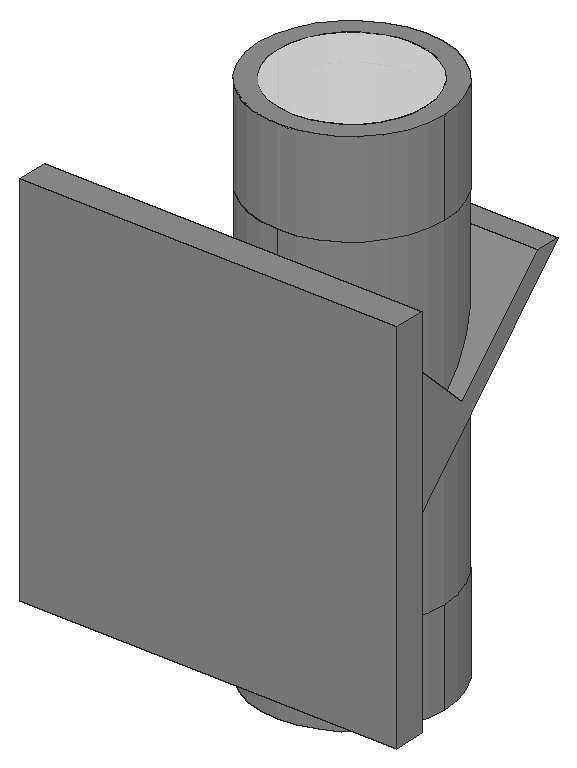
Revit family "3-746 Razzo Wall Lantern", category Lighting Fixtures, host Wall, Revit 2018
Family settings
  Host = Wall
  Round Connector Dimension = Use Diameter
  Part Type = Normal
  OmniClass Number = 23.80.70.00
  OmniClass Title = Lighting
  Always vertical = Yes
  Cut with Voids When Loaded = No
  Light Source = Yes
  Shared = No
  Room Calculation Point = No
Parameters (values of type "3-736-16 / Gray - White Frost Glass")
  Wattage Comments = "2 x 3.0 W at 120 V"  # constant formula
  Wattage = 8.05 W
  built-in parameter 1150110 = 1 (stored number, unit not read)
  Voltage Input = "120 V or 277 V - 50/60 Hz"  # constant formula
  Voltage = 120 V
  URL = "www.oxygenlighting.com"
  built-in parameter 1114217 = 1 (stored number, unit not read)
  Tilt Angle = 90.00°  # constant formula
  built-in parameter 1150109 = 1 (stored number, unit not read)
  built-in parameter 1150134 = (empty or 0)
  built-in parameter 1150113 = 1 (stored number, unit not read)
  References = "Ref. 3 = 120 V / Ref. 37 = 277 V"  # constant formula
  Photometric Web File = "3-746-16 Razzo Outdoor.ies"
  Model = "3-736-xx Razzo Wall Lanter"  # constant formula
  Metal Finish = 16 - Gray
  Manufacturer = "Oxygen - Lighting & Fans"  # constant formula
  Main Diffuser = White Frost Glass
  Lumens = 680.225 lm
  built-in parameter 1150115 = 1 (stored number, unit not read)
  built-in parameter 1150105 = 54.131 (stored number, unit not read)
  built-in parameter 1150137 = (empty or 0)
  built-in parameter 1150139 = (empty or 0)
  built-in parameter 1150112 = 1 (stored number, unit not read)
  built-in parameter 1150114 = 1 (stored number, unit not read)
  Lamp = "LED Array"  # constant formula
  built-in parameter 1150132 = (empty or 0)
  built-in parameter 1150102 = (empty or 0)
  built-in parameter 1150138 = (empty or 0)
  built-in parameter 1150107 = 3000 (stored number, unit not read)
  built-in parameter 1150106 = 0.54131 (stored number, unit not read)
  built-in parameter 1150104 = 7.8503 (stored number, unit not read)
  Dimming Lamp Color Temperature Shift = <None>
  Color Filter = 16777215
  built-in parameter 1114218 = 1 (stored number, unit not read)
  built-in parameter 1150133 = 10 (stored number, unit not read)
Types (3): name | Metal Finish
  (no name) | 16 - Gray
  3-736-15 / Black - White Frost Glass | 15 - Black
  3-736-16 / Gray - White Frost Glass | 16 - Gray
Reference planes (in)
  plane 1: y = 0
  plane 2 "Light Source Axis (F/B)": y = 5.20194
  plane 3 "Light Source Axis (L/R)": x = -1.43133
  plane 4 "Light Source Elevation": z = 33
  plane 5 "Wall Face": y = 3
Text (in)
  text "Placement Side" at (0, 40.15149, 123.01588), in view "Right"
  text "Placement Side" at (-70.3804, 56.61594, 0), in view "Ref. Level"
  text "Placement Side" at (0, 47.49176, 140.59947), in view "Left"
Dimensions and locks (in)
  locked: plane 5 "Wall Face" to plane 2 "Light Source Axis (F/B)" at 2.20194
  aligned and locked: plane 3 "Light Source Axis (L/R)" to imposter light
  aligned and locked: plane 2 "Light Source Axis (F/B)" to imposter light
  aligned and locked: plane 4 "Light Source Elevation" to imposter light
  aligned and locked: plane 5 "Wall Face" to host wall
  aligned and locked: nested 1 to plane 3 "Light Source Axis (L/R)"
  aligned and locked: plane 5 "Wall Face" to nested 1
  aligned and locked: nested 2 to plane 3 "Light Source Axis (L/R)"
  aligned and locked: nested 2 to nested 1
Nested families (in)
  nested 1: "Base" at (-1.43133, 3, 0), type "Base"
  nested 2: "Extru" at (-1.43133, 3.39458, 33), type "Extrusion"
Connectors (in)
  electrical at (-1.43133, 3, 33), driven by "Voltage"
    settings: on nested 1, index 1, voltage 120 V, apparent load 0 VA, apparent load phase1 0 VA, apparent load phase2 0 VA, apparent load phase3 0 VA, power factor 1, load classification "Other", number of poles 1, system type 31, power factor state 1, is connector primary yes, connector utility no, sub classification motor no, connector description ""
Definition of nested family "Base"
  Parameters (values of type "Base")
    Metal Finish = none
  Reference planes (in)
    plane 1 "Center (Front/Back)": y = 0
    plane 2: z = 0
    plane 3 "Center (Left/Right)": x = 0
  Forms (in)
    Extrusion 1, solid, material <- "Metal Finish"
      sketch origin (0, -3, 0) x (0, -1, 0) y (0, 0, 1)
        loop
          line (-3.39458, 35.36221) -> (-3.39458, 30.63779) -> (-3, 30.63779) -> (-3, 35.36221) -> (-3.39458, 35.36221)
      from 2.36 to -2.36
  Dimensions and locks (in)
    aligned and locked: level to plane 2
Definition of nested family "Extru"
  Parameters (values of type "Extrusion")
    Metal Finish = none
    Main Diffuser = none
  Reference planes (in)
    plane 1 "Center (Front/Back)": y = 0
    plane 2: z = 0
    plane 3 "Center (Left/Right)": x = 0
  Forms (in)
    Extrusion 1, solid, material <- "Metal Finish"
      sketch origin (0, 0, 0) x (0, 1, 0) y (0, 0, 1)
        loop
          line (0.62862, -1.3783) -> (3.34541, 1.3783) -> (3.03028, 1.3783) -> (1.84935, 0.19737) -> (0.62862, 1.3783) -> (0, 1.3783) -> (0, -1.3783) -> (0.62862, -1.3783)
      from 1.37795 to -1.37795
    Revolve 2, solid, material <- "Metal Finish"
      sketch origin (0, 0, 0) x (0, 1, 0) y (0, 0, 1)
        loop
          line (1.84935, -2.15454) -> (1.84935, 2.15453) -> (0.68832, 2.15453) -> (0.68832, -2.15454) -> (1.84935, -2.15454)
        axis (1.84935, 2.15453) -> (1.84935, -2.15454)
      angle from 0 to 360
    Extrusion 3, solid, material <- "Metal Finish"
      sketch origin (0, 0, 0) x (1, 0, 0) y (0, 1, 0)
        loop
          circle (0, 1.84935) r 1.16126
        loop
          circle (0, 1.84935) r 0.92504
      from 3.33545 to 2.15453
    Extrusion 4, solid, material <- "Metal Finish"
      sketch origin (0, 0, 0) x (1, 0, 0) y (0, 1, 0)
        loop
          circle (0, 1.84935) r 1.16126
        loop
          circle (0, 1.84935) r 0.92504
      from -2.15454 to -3.33546
    Extrusion 5, solid, material <- "Main Diffuser"
      sketch origin (0, 0, 0) x (1, 0, 0) y (0, 1, 0)
        loop
          circle (0, 1.84935) r 0.92504
      from 3.33545 to 3.00275
    Extrusion 6, solid, material <- "Main Diffuser"
      sketch origin (0, 0, 0) x (1, 0, 0) y (0, 1, 0)
        loop
          circle (0, 1.84935) r 0.92504
      from -3.00165 to -3.33546
  Cuts and joins
    joined: Extrusion 1, Revolve 2
  Dimensions and locks (in)
    Extrusion 3 to level = 3.33545"
    level to Extrusion 4 = 3.33546"
    aligned and locked: level to plane 2
